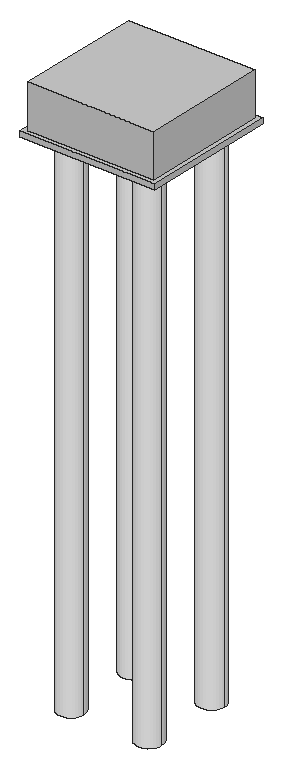
Revit family "BS_FM_Đài Móng - 4 cọc", category Structural Foundations, Revit 2019
Family settings
  Material for Model Behavior = Concrete
  Cap = No
  OmniClass Number = 23.25.05.11
  OmniClass Title = Foundation Piles
  Work Plane-Based = No
  Always vertical = Yes
  Cut with Voids When Loaded = No
  Shared = No
Parameters (values of type "1000 x 1000 x 900mm")
  h_BaoVe [instance] = 120 mm
  a2_BaoVe [instance] = 100 mm
  a1_BaoVe [instance] = 100 mm
  Width = KhoangCach2TimCoc + 2 * KhoangCachMepCoc + Diameter  # 2900 mm
  Structural Material [instance] = Concrete, Cast-in-Place gray
  Length = KhoangCach2TimCoc + 2 * KhoangCachMepCoc + Diameter  # 2900 mm
  KhoangCachMepCoc = 250 mm
  KhoangCach2TimCoc = HeSoCoc * Diameter  # 1800 mm
  HeSoCoc = 3
  Foundation Thickness = 1000 mm
  Diameter = 600 mm
  Depth = 12000 mm
  Cut-off = 150 mm
  BS_Cọc Vuông = no
  BS_Cọc Tròn = yes
  BS_BeTongMong = @BS-BeTongCotThep
  BS_BeTongLot = @BS-BeTong
  BS_BeTongCoc = Steel, 45-345
  Assembly Code = "A1010130"
Reference planes
  plane 1 "Center (Front/Back)": y = 0
  plane 2: z = 0
  plane 3 "Center (Left/Right)": x = 0
  plane 4: x = -1450
  plane 5: x = 1450
  plane 6: y = 1450
  plane 7: y = -1450
  plane 8: z = -1000
  plane 9: z = -850
  plane 10: z = -1120
  plane 11: y = 900
  plane 12: y = -900
  plane 13 "2": x = -900
  plane 14 "3": x = 900
Forms (mm)
  Extrusion 1, solid, material "@BS-BeTongCotThep" <- "BS_BeTongMong"
    sketch origin (0, 0, 0) x (1, 0, 0) y (0, 1, 0)
      loop
        line (-1450, 1450) -> (-1450, -1450) -> (1450, -1450) -> (1450, 1450) -> (-1450, 1450)
    from -1000 to 0
  Extrusion 2, solid, material "@BS-BeTong" <- "BS_BeTongLot"
    sketch origin (0, 0, 0) x (1, 0, 0) y (0, 1, 0)
      loop
        line (-1550, 1550) -> (-1550, -1550) -> (1550, -1550) -> (1550, 1550) -> (-1550, 1550)
    from -1120 to -1000
Dimensions and locks
  "Foundation Thickness": plane 2 to plane 8
  "Cut-off": plane 9 to plane 8
  "a2_BaoVe": plane 7 to Extrusion 2 sketch curve
  "a2_BaoVe": Extrusion 2 sketch curve to plane 6
  "a1_BaoVe": Extrusion 2 sketch curve to plane 4
  "a1_BaoVe": Extrusion 1 to Extrusion 2 sketch curve
  "h_BaoVe": plane 10 to plane 8
  equal spacing: plane 11, plane 1 "Center (Front/Back)", plane 12
  equal spacing: plane 7, plane 1 "Center (Front/Back)", plane 6
  "Length": plane 6 to plane 7
  equal spacing: plane 13 "2", plane 3 "Center (Left/Right)", plane 14 "3"
  equal spacing: plane 4, plane 3 "Center (Left/Right)", plane 5
  "KhoangCach2TimCoc": plane 13 "2" to plane 14 "3"
  "KhoangCach2TimCoc": plane 11 to plane 12
  "Width": plane 4 to plane 5
  aligned and locked: plane 4 to Extrusion 1 sketch curve
  aligned and locked: Extrusion 1 sketch curve to plane 5
  aligned and locked: Extrusion 1 sketch curve to plane 6
  aligned and locked: plane 7 to Extrusion 1 sketch curve
  aligned and locked: level to Extrusion 1
  aligned and locked: Extrusion 1 to plane 8
  aligned and locked: Extrusion 2 to Extrusion 1
  aligned and locked: Extrusion 2 to plane 10
  aligned and locked: nested 1 to plane 11
  aligned and locked: plane 13 "2" to nested 1
  aligned and locked: plane 14 "3" to nested 3
  aligned and locked: nested 3 to plane 11
  aligned and locked: plane 14 "3" to nested 4
  aligned and locked: nested 4 to plane 12
  aligned and locked: nested 2 to plane 12
  aligned and locked: plane 13 "2" to nested 2
  aligned and locked: nested 5 to plane 11
  aligned and locked: nested 7 to plane 11
  aligned and locked: nested 6 to plane 12
  aligned and locked: nested 8 to plane 12
  aligned and locked: plane 8 to nested 7
  aligned and locked: plane 8 to nested 8
  aligned and locked: plane 8 to nested 5
  aligned and locked: plane 8 to nested 6
  aligned and locked: plane 13 "2" to nested 5
  aligned and locked: plane 13 "2" to nested 6
  aligned and locked: plane 14 "3" to nested 7
  aligned and locked: plane 14 "3" to nested 8
  aligned and locked: plane 8 to nested 2
  aligned and locked: plane 8 to nested 4
  aligned and locked: plane 8 to nested 1
  aligned and locked: plane 8 to nested 3
Nested families
  nested 1: "BS_FM_Pile-Cọc Tròn" at (-900, 900, -1000), Minimum Embedment <- "Cut-off", Diameter <- "Diameter", Depth <- "Depth", Structural Material <- "BS_BeTongCoc", visible <- "BS_Cọc Tròn", type "300mm Diameter"
    with Structural Material Steel, 45-345, Radius 300 mm, Minimum Embedment 150 mm, Diameter 600 mm, Depth 12000 mm
  nested 2: "BS_FM_Pile-Cọc Tròn" at (-900, -900, -1000), Minimum Embedment <- "Cut-off", Diameter <- "Diameter", Depth <- "Depth", Structural Material <- "BS_BeTongCoc", visible <- "BS_Cọc Tròn", type "300mm Diameter"
    with Structural Material Steel, 45-345, Radius 300 mm, Minimum Embedment 150 mm, Diameter 600 mm, Depth 12000 mm
  nested 3: "BS_FM_Pile-Cọc Tròn" at (900, 900, -1000), Minimum Embedment <- "Cut-off", Diameter <- "Diameter", Depth <- "Depth", Structural Material <- "BS_BeTongCoc", visible <- "BS_Cọc Tròn", type "300mm Diameter"
    with Structural Material Steel, 45-345, Radius 300 mm, Minimum Embedment 150 mm, Diameter 600 mm, Depth 12000 mm
  nested 4: "BS_FM_Pile-Cọc Tròn" at (900, -900, -1000), Minimum Embedment <- "Cut-off", Diameter <- "Diameter", Depth <- "Depth", Structural Material <- "BS_BeTongCoc", visible <- "BS_Cọc Tròn", type "300mm Diameter"
    with Structural Material Steel, 45-345, Radius 300 mm, Minimum Embedment 150 mm, Diameter 600 mm, Depth 12000 mm
  nested 5: "BS_FM_Pile-Cọc Vuông" at (-900, 900, -1000), Minimum Embedment <- "Cut-off", Diameter <- "Diameter", Depth <- "Depth", Structural Material <- "BS_BeTongCoc", visible <- "BS_Cọc Vuông", type "250mm Diameter"
    with Structural Material Steel, 45-345, Radius 300 mm, Minimum Embedment 150 mm, Diameter 600 mm, Depth 12000 mm
  nested 6: "BS_FM_Pile-Cọc Vuông" at (-900, -900, -1000), Minimum Embedment <- "Cut-off", Diameter <- "Diameter", Depth <- "Depth", Structural Material <- "BS_BeTongCoc", visible <- "BS_Cọc Vuông", type "250mm Diameter"
    with Structural Material Steel, 45-345, Radius 300 mm, Minimum Embedment 150 mm, Diameter 600 mm, Depth 12000 mm
  nested 7: "BS_FM_Pile-Cọc Vuông" at (900, 900, -1000), Minimum Embedment <- "Cut-off", Diameter <- "Diameter", Depth <- "Depth", Structural Material <- "BS_BeTongCoc", visible <- "BS_Cọc Vuông", type "250mm Diameter"
    with Structural Material Steel, 45-345, Radius 300 mm, Minimum Embedment 150 mm, Diameter 600 mm, Depth 12000 mm
  nested 8: "BS_FM_Pile-Cọc Vuông" at (900, -900, -1000), Minimum Embedment <- "Cut-off", Diameter <- "Diameter", Depth <- "Depth", Structural Material <- "BS_BeTongCoc", visible <- "BS_Cọc Vuông", type "250mm Diameter"
    with Structural Material Steel, 45-345, Radius 300 mm, Minimum Embedment 150 mm, Diameter 600 mm, Depth 12000 mm
Definition of nested family "BS_FM_Pile-Cọc Tròn"
  Parameters (values of type "600mm Diameter")
    Structural Material [instance] = none
    Radius [instance] = Diameter / 2  # 300 mm
    Minimum Embedment [instance] = 152 mm
    Diameter [instance] = 600 mm
    Depth [instance] = 6000 mm
    Assembly Code = "A1020130"
  Types (4): name
    600mm Diameter
    300mm Diameter
    400mm Diameter
    500mm Diameter
  Reference planes
    plane 1 "Center (Front/Back)": y = 0
    plane 2: z = 0
    plane 3 "Center (Left/Right)": x = 0
    plane 4: z = -6000
    plane 5: z = 152
  Forms (mm)
    Extrusion 1, solid, material <- "Structural Material"
      sketch origin (0, 0, 0) x (1, 0, 0) y (0, 1, 0)
        loop
          circle (0, 0) r 300
      from -6000 to 152
  Dimensions and locks
    "Depth": plane 2 to plane 4
    "Minimum Embedment": plane 5 to plane 2
    "Radius": radius of Extrusion 1 sketch curve
    aligned and locked: Extrusion 1 to plane 4
    aligned and locked: Extrusion 1 to plane 5
    aligned and locked: plane 1 "Center (Front/Back)" to nested 1
    aligned and locked: plane 3 "Center (Left/Right)" to nested 1
  Automatic sketch dimensions
    plane 1 "Center (Front/Back)" to Extrusion 1 sketch curve = 0 mm
    Extrusion 1 sketch curve to plane 3 "Center (Left/Right)" = 0 mm
  Nested families
    nested 1: "BS_LINE_TimCoc" at (0, 0, 0), type "BS_LINE_TimCoc"
      with LINE 700 mm, DK 600 mm
  Definition of nested family "BS_LINE_TimCoc"
    Parameters (values of type "BS_LINE_TimCoc")
      LINE = DK + 100 mm  # 780 mm
      DK = 680 mm
    Reference planes
      plane 1 "Center (Front/Back)": y = 0
      plane 2: z = 0
      plane 3 "Center (Left/Right)": x = 0
    Lines and regions (mm)
      detail lines, in view "Ref. Level", not visible
        curve 1: circle (0, 0, 0) r 340 normal (0, 0, 1)
      detail lines, in view "Ref. Level"
        curve 2: line (-390, 0, 0) -> (390, 0, 0)
        curve 3: line (0, 390, 0) -> (0, -390, 0)
    Dimensions and locks
      equal spacing: curve 2, plane 3 "Center (Left/Right)", curve 2
      equal spacing: curve 3, plane 1 "Center (Front/Back)", curve 3
      "LINE": curve 3 to curve 3
      "LINE": curve 2 to curve 2
      "DK": diameter of curve 1
    Automatic sketch dimensions
      curve 3 to plane 3 "Center (Left/Right)" = 0 mm
      plane 1 "Center (Front/Back)" to curve 1 = 0 mm
      curve 1 to plane 3 "Center (Left/Right)" = 0 mm
      plane 1 "Center (Front/Back)" to curve 2 = 0 mm
Definition of nested family "BS_FM_Pile-Cọc Vuông"
  Parameters (values of type "600mm Diameter")
    Structural Material [instance] = none
    Radius [instance] = Diameter / 2  # 125 mm
    Minimum Embedment [instance] = 150 mm
    Diameter [instance] = 250 mm
    Depth [instance] = 6000 mm
    Assembly Code = "A1020130"
  Types (6, lengths in mm): name | Radius | Diameter
    600mm Diameter | 125 | 250
    200mm Diameter | 300 | 600
    250mm Diameter | 300 | 600
    300mm Diameter | 300 | 600
    400mm Diameter | 300 | 600
    500mm Diameter | 300 | 600
  Reference planes
    plane 1 "Center (Front/Back)": y = 0
    plane 2: z = 0
    plane 3 "Center (Left/Right)": x = 0
    plane 4: z = -6000
    plane 5: z = 150
  Forms (mm)
    Extrusion 1, solid, material <- "Structural Material"
      sketch origin (0, 0, 0) x (1, 0, 0) y (0, 1, 0)
        loop
          line (-125, -125) -> (125, -125) -> (125, 125) -> (-125, 125) -> (-125, -125)
      from -6000 to 150
  Dimensions and locks
    "Depth": plane 2 to plane 4
    "Minimum Embedment": plane 5 to plane 2
    equal spacing: Extrusion 1 sketch curve, plane 3 "Center (Left/Right)", Extrusion 1 sketch curve
    "Diameter": Extrusion 1 sketch curve to Extrusion 1 sketch curve  (x2)
    equal spacing: Extrusion 1 sketch curve, plane 1 "Center (Front/Back)", Extrusion 1 sketch curve
    aligned and locked: Extrusion 1 to plane 4
    aligned and locked: Extrusion 1 to plane 5
    aligned and locked: plane 3 "Center (Left/Right)" to nested 1
    aligned and locked: plane 1 "Center (Front/Back)" to nested 1  (x2)
    aligned and locked: nested 1 to plane 3 "Center (Left/Right)"
  Nested families
    nested 1: "BS_Line_TimCoc" at (0, 0, 0), type "BS_Line_TimCoc"
      with LINE 350 mm, DK 250 mm
  Definition of nested family "BS_Line_TimCoc"
    Parameters (values of type "BS_Line_TimCoc")
      LINE = DK + 100 mm  # 780 mm
      DK = 680 mm
    Reference planes
      plane 1 "Center (Front/Back)": y = 0
      plane 2: z = 0
      plane 3 "Center (Left/Right)": x = 0
    Lines and regions (mm)
      detail lines, in view "Ref. Level", not visible
        curve 1: circle (0, 0, 0) r 340 normal (0, 0, 1)
      detail lines, in view "Ref. Level"
        curve 2: line (-390, 0, 0) -> (390, 0, 0)
        curve 3: line (0, 390, 0) -> (0, -390, 0)
    Dimensions and locks
      equal spacing: curve 2, plane 3 "Center (Left/Right)", curve 2
      equal spacing: curve 3, plane 1 "Center (Front/Back)", curve 3
      "LINE": curve 3 to curve 3
      "LINE": curve 2 to curve 2
      "DK": diameter of curve 1
    Automatic sketch dimensions
      curve 3 to plane 3 "Center (Left/Right)" = 0 mm
      plane 1 "Center (Front/Back)" to curve 1 = 0 mm
      curve 1 to plane 3 "Center (Left/Right)" = 0 mm
      plane 1 "Center (Front/Back)" to curve 2 = 0 mm
